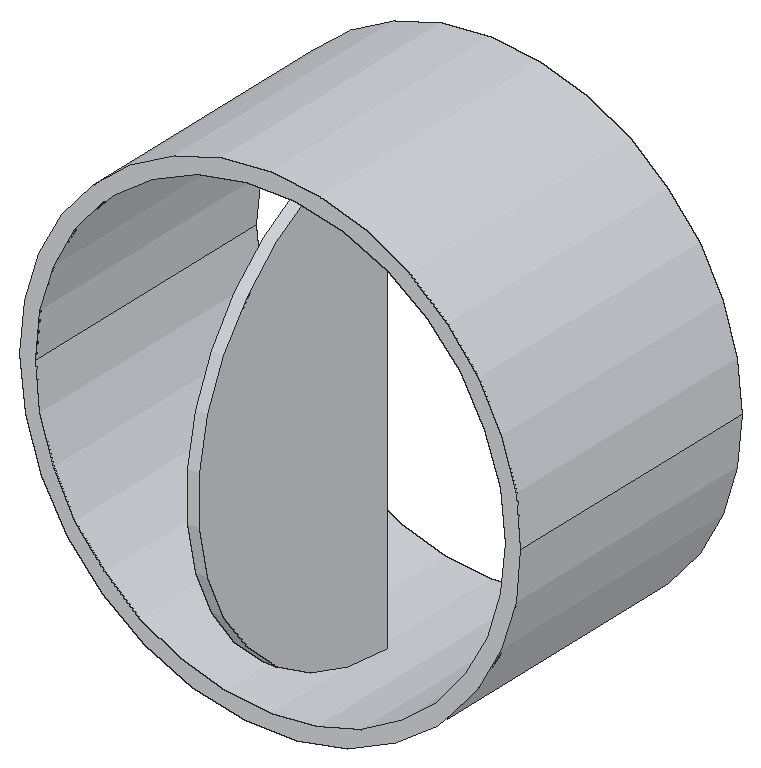
Revit family "Обратный клапан круглый FL", category Оборудование, Revit 2022
Family settings
  Размер круглого соединителя = Использовать диаметр
  Тип детали = Нормальный
  Номер OmniClass = 23.75.00.00
  Заголовок OmniClass = Climate Control (HVAC)
  На основе рабочей плоскости = Нет
  Всегда вертикально = Да
  При загрузке вырезать с полостями = Нет
  Сохранять ориентацию аннотаций = Нет
  Общий = Да
  Точка принадлежности помещению = Нет
Parameters (values of type "FL 160")
  Default Elevation = 0 mm
  URL = ""
  Cost = 0
  ADSK_Система_Имя [instance] = ""
  ADSK_Расход воздуха = 0.0 m³/h
  ADSK_Размер_Длина_L = 88 mm
  ADSK_Размер_Диаметр_D1 = ADSK_Размер_Диаметр_D - 10 mm  # 150 mm
  ADSK_Размер_Диаметр_D = 160 mm
  ADSK_Потеря давления воздуха = 0.0 Pa
  ADSK_Наименование краткое = "FL 160"
  ADSK_Наименование [instance] = "Обратный клапан FL 160"
  ADSK_Масса_Текст = "0.24"
  ADSK_Масса = 0.24
  ADSK_Марка = ""
  ADSK_Количество [instance] = 1  # constant formula
  ADSK_Код изделия = ""
  ADSK_Завод-изготовитель = "WAER"  # constant formula
  ADSK_Единица измерения = "шт."  # constant formula
  ADSK_URL страницы изделия = ""
  ADSK_URL документации изделия = ""
Types (6, lengths in mm): name | ADSK_Размер_Длина_L | ADSK_Размер_Диаметр_D1 | ADSK_Размер_Диаметр_D | ADSK_Наименование краткое | ADSK_Наименование | ADSK_Масса_Текст | ADSK_Масса
  FL 100 | 88 | 90 | 100 | "FL 100" | "Обратный клапан FL 100" | "0.13" | 0.13
  FL 125 | 88 | 115 | 125 | "FL 125" | "Обратный клапан FL 125" | "0.17" | 0.17
  FL 160 | 88 | 150 | 160 | "FL 160" | "Обратный клапан FL 160" | "0.24" | 0.24
  FL 200 | 88 | 190 | 200 | "FL 200" | "Обратный клапан FL 200" | "0.29" | 0.29
  FL 250 | 128 | 190 | 200 | "FL 250" | "Обратный клапан FL 250" | "0.68" | 0.68
  FL 315 | 128 | 305 | 315 | "FL 315" | "Обратный клапан FL 315" | "0.81" | 0.81
Reference planes
  plane 1 "Center (Front/Back)": y = 0
  plane 2: z = 0
  plane 3 "Center (Left/Right)": x = 0
  plane 4: y = 44
  plane 5: y = -44
  plane 6: z = 160
Forms (mm)
  Extrusion 1, solid
    sketch origin (0, 0, 0) x (1, 0, 0) y (0, 0, 1)
      loop
        circle (0, 0) r 75
      loop
        circle (0, 0) r 80
    from -44 to 44
  Extrusion 2, solid
    sketch origin (0, 0, 0) x (0, 1, 0) y (0, 0, 1)
      loop
        arc (0, 75) -> (-75, 0) -> (0, -75) r 75
        line (0, -75) -> (0, 75)
    from -2 to 2
Dimensions and locks
  equal spacing: Extrusion 1 sketch curve, plane 2, Extrusion 1 sketch curve  (x2)
  equal spacing: Extrusion 1 sketch curve, plane 3 "Center (Left/Right)", Extrusion 1 sketch curve  (x2)
  equal spacing: plane 4, plane 1 "Center (Front/Back)", plane 5
  "ADSK_Размер_Длина_L": plane 4 to plane 5
  plane 6 to plane 2 = 160 mm
  equal spacing: Extrusion 2 sketch curve, plane 2, Extrusion 2 sketch curve
  plane 1 "Center (Front/Back)" to Extrusion 2 sketch curve = 75 mm
  "ADSK_Размер_Диаметр_D": diameter of Extrusion 1 sketch curve
  "ADSK_Размер_Диаметр_D1": diameter of Extrusion 1 sketch curve
  "ADSK_Размер_Диаметр_D1": diameter of Extrusion 2 sketch curve
  aligned and locked: level to plane 2
  aligned and locked: Extrusion 1 to plane 5
  aligned and locked: plane 4 to Extrusion 1
  aligned and locked: plane 1 "Center (Front/Back)" to Extrusion 2 sketch curve
Connectors
  hvac at (0, -44, 0), driven by "ADSK_Размер_Диаметр_D"
    settings: on Extrusion 1, index 1, duct flow 0.0 m³/h, flow factor 0, pres drop 0.0 Pa, loss coef 0, conn angle 0.00°, conn width 304.8 mm, conn height 304.8 mm, conn diameter 160 mm, duct sys type 29, conn prof type 0, flow config 0, flow direction 2, loss method 0, conn ref index 2, conn util no, is conn primary yes, conn desc ""
  hvac at (0, 44, 0), driven by "ADSK_Размер_Диаметр_D"
    settings: on Extrusion 1, index 2, duct flow 0.0 m³/h, flow factor 0, pres drop 0.0 Pa, loss coef 0, conn angle 0.00°, conn width 304.8 mm, conn height 304.8 mm, conn diameter 160 mm, duct sys type 29, conn prof type 0, flow config 0, flow direction 1, loss method 0, conn ref index 1, conn util no, is conn primary no, conn desc ""
